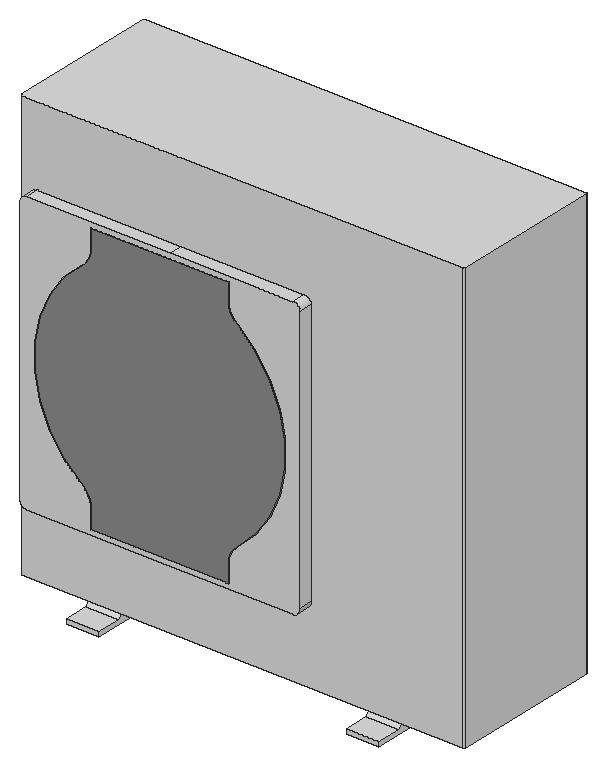
Revit family "Platinum_BC_iPlus_8_MR", category Equipos mecánicos, Revit 2019
Family settings
  Cota de conector redondo = Diámetro de uso
  Tipo de pieza = Normal
  Número OmniClass = 23.75.10.21
  Título OmniClass = Heat Pumps
  Se basa en plano de trabajo = No
  Siempre vertical = Sí
  Corte con vacíos al cargar = No
  Compartido = No
  Punto de cálculo de habitación = No
Parameters (values of type "Platinum BC iPLUS 8 MR (U.E)")
  URL PRODUCTO = "https://www.baxi.es/productos/bombas-calor/bibloc/platinum-bc-iplus-y-bc-iplus-hybrid"
  Tipo Ventilador = "Propeller Fan"
  Tipo Refrigerante = "R410A"
  Tipo Compresor = "Inverter hermetic twin rotary"
  Profundidad = 330.000 mm
  Potencia Acustical (dB(A)) = 65.2
  Peso Unidad (kg) = 75
  Intensidad Máxima (A) = 19
  Código de montaje = "7609926"
  Caudal Aire (m3/min) = 55
  Capacidad Calorifica (kW) = 7.9
  Cantidad de Ventiladores = 1
  Cantidad Compresores = 1
  Blanco = Color RGB 216-216-216
  Voltage = 230.002 V
  URL = "https://www.baxi.es/"
  Distancia superior Valor [instance] = if(Distancia Superior < 1000.000 mm, 1000.000 mm, Distancia Superior)  # 1000.000 mm
  Distancia Superior [instance] = 1000.000 mm
  Distancia lateral Der. Valor [instance] = if(Distancia Lateral Der. < 150.000 mm, 150.000 mm, Distancia Lateral Der.)  # 150.000 mm
  Distancia Lateral Der. [instance] = 150.000 mm
  Revit Version = "2016"  # constant formula
  Diametro liquido refrigerante = 9.530 mm
  Diametro gas refrigerante = 15.900 mm
  Rojo = Color RGB 255-000-000
  Phase = 1
  Model = "Platinum BC iPlus 8MR"
  Fabricante = "BAXI"  # constant formula
  Distancia lateral Izq. Valor [instance] = if(Distancia lateral Izq. < 150.000 mm, 150.000 mm, Distancia lateral Izq.)  # 150.000 mm
  Distancia lateral Izq. [instance] = 150.000 mm
  IFCExportType = "NOTDEFINED"  # constant formula
  IFCExportAs = "IfcPumpType"  # constant formula
  Hertz = 50 Hz
  Area de Mantenimiento [instance] = no
  Gris = Color RGB 100-100-100
  Distancia frontal Valor [instance] = if(Distancia Frontal < 500.000 mm, 500.000 mm, Distancia Frontal)  # 500.000 mm
  Distancia Frontal [instance] = 500.000 mm
  Diametro drenaje = 32.000 mm
  Description = "Platinum BC iPlus 8MR"  # constant formula
  Capacidad frigorifica (kW) = 7.9
  Negro = Color RGB 060-060-060
  Distancia trasera Valor [instance] = if(Distancia Trasera < 300.000 mm, 300.000 mm, Distancia Trasera)  # 300.000 mm
  Distancia Trasera [instance] = 300.000 mm
  Anchura = 950.000 mm
  Altura = 943.000 mm
Reference planes
  plane 1 "Center (Front/Back)": y = 0
  plane 2: z = 0
  plane 3 "Center (Left/Right)": x = 0
  plane 4: z = 23
  plane 5: z = 943
  plane 6: x = -475
  plane 7: x = 475
  plane 8: z = 473
  plane 9: x = -153
  plane 10: y = 165
  plane 11: y = -165
  plane 12: y = -195
  plane 13: x = -300
  plane 14: x = 300
  plane 15 "E": y = -120
  plane 16 "F": y = -109
  plane 17 "A": z = 431
  plane 18: z = 447
  plane 19: z = 923
  plane 20: x = -153
  plane 21: x = 169
  plane 22: z = 473
  plane 23: z = 743
  plane 24: z = 588.5
  plane 25: z = 50
Forms (mm)
  Extrusion 1, solid, not visible, detail levels fine
    sketch origin (0, 0, 0) x (1, 0, 0) y (0, 1, 0)
      loop
        circle (434, -111) r 5
    from 473 to 431
  Extrusion 2, solid, not visible, detail levels fine
    sketch origin (0, 0, 0) x (1, 0, 0) y (0, 1, 0)
      loop
        circle (377, -125) r 5
    from 473 to 447
  Extrusion 3, solid, material "Color RGB 216-216-216" <- "Blanco", detail levels fine
    sketch origin (-90.5, 0, 0) x (0, -1, 0) y (0, 0, 1)
      loop
        line (-199, 0) -> (218, 0) -> (218, 10) -> (165, 10) -> (152, 23) -> (-152, 23) -> (-165, 10) -> (-199, 10) -> (-199, 0)
    from 174.5 to 244.5
  Extrusion 4, solid, material "Color RGB 216-216-216" <- "Blanco", detail levels fine
    sketch origin (90.5, 0, 0) x (0, -1, 0) y (0, 0, -1)
      loop
        line (-199, 0) -> (-199, -10) -> (-165, -10) -> (-152, -23) -> (152, -23) -> (165, -10) -> (218, -10) -> (218, 0) -> (-199, 0)
    from 174.5 to 244.5
  Extrusion 5, solid, material "Color RGB 216-216-216" <- "Blanco", detail levels fine
    sketch origin (0, 0, 0) x (1, 0, 0) y (0, 1, 0)
      loop
        arc (-472, 165) -> (-474.121, 164.121) -> (-475, 162) r 3
        line (-475, 162) -> (-475, -162)
        arc (-475, -162) -> (-474.121, -164.121) -> (-472, -165) r 3
        line (-472, -165) -> (472, -165)
        arc (472, -165) -> (474.121, -164.121) -> (475, -162) r 3
        line (475, -162) -> (475, 162)
        arc (475, 162) -> (474.121, 164.121) -> (472, 165) r 3
        line (472, 165) -> (-472, 165)
    from 23 to 943
  Extrusion 6, solid, material "Color RGB 216-216-216" <- "Blanco", detail levels fine
    sketch origin (0, 0, 0) x (1, 0, 0) y (0, 0, 1)
      loop
        arc (-438, 773) -> (-448.607, 768.607) -> (-453, 758) r 15
        line (-453, 758) -> (-453, 188)
        arc (-453, 188) -> (-448.607, 177.393) -> (-438, 173) r 15
        line (-438, 173) -> (-138.933, 173) -> (132, 173)
        arc (132, 173) -> (142.607, 177.393) -> (147, 188) r 15
        line (147, 188) -> (147, 758)
        arc (147, 758) -> (142.607, 768.607) -> (132, 773) r 15
        line (132, 773) -> (-131.545, 773) -> (-438, 773)
      loop
        arc (-319.219, 260.229) -> (-305.061, 242.747) -> (-300, 220.827) r 50
        line (-300, 220.827) -> (-300, 183) -> (-6, 183) -> (-6, 220.827)
        arc (-6, 220.827) -> (-0.939, 242.747) -> (13.219, 260.229) r 50
        arc (13.219, 260.229) -> (117, 473) -> (13.219, 685.771) r 270
        arc (13.219, 685.771) -> (-0.939, 703.253) -> (-6, 725.173) r 50
        line (-6, 725.173) -> (-6, 763) -> (-300, 763) -> (-300, 725.173)
        arc (-300, 725.173) -> (-305.061, 703.253) -> (-319.219, 685.771) r 50
        arc (-319.219, 685.771) -> (-423, 473) -> (-319.219, 260.229) r 270
    from 165 to 195
  Revolve 7, void
    sketch origin (-153, -37.5, 202.7) x (0, -1, 0) y (0, 0, 1)
      loop
        arc (124.5, 538.3) -> (119.91, 525.13) -> (111.966, 513.666) r 51.691
        arc (111.966, 513.666) -> (110.827, 512.74) -> (109.467, 512.186) r 5
        line (109.467, 512.186) -> (103.018, 510.607) -> (103.018, 270.3) -> (127.5, 270.3) -> (127.5, 540.3) -> (124.5, 540.3) -> (124.5, 538.3)
      axis (103.018, 270.3) -> (127.5, 270.3)
    angle from 0 to 360
  Extrusion 8, solid, material "Color RGB 100-100-100" <- "Gris", detail levels fine
    sketch origin (0, 0, 0) x (1, 0, 0) y (0, 0, 1)
      loop
        circle (-153, 473) r 240.307
    from 140.518 to 142.518
  Extrusion 9, solid, detail levels coarse+medium
    sketch origin (-90.5, 0, 0) x (0, -1, 0) y (0, 0, 1)
      loop
        line (-199, 0) -> (218, 0) -> (218, 10) -> (165, 10) -> (152, 23) -> (-152, 23) -> (-165, 10) -> (-199, 10) -> (-199, 0)
    from 174.5 to 244.5
  Extrusion 10, solid, detail levels coarse+medium
    sketch origin (90.5, 0, 0) x (0, -1, 0) y (0, 0, -1)
      loop
        line (-199, 0) -> (-199, -10) -> (-165, -10) -> (-152, -23) -> (152, -23) -> (165, -10) -> (218, -10) -> (218, 0) -> (-199, 0)
    from 174.5 to 244.5
  Extrusion 11, solid, detail levels coarse+medium
    sketch origin (169, -1524, 200) x (-1, 0, 0) y (0, -1, 0)
      loop
        arc (641, -1689) -> (643.121, -1688.121) -> (644, -1686) r 3
        line (644, -1686) -> (644, -1362)
        arc (644, -1362) -> (643.121, -1359.879) -> (641, -1359) r 3
        line (641, -1359) -> (-303, -1359)
        arc (-303, -1359) -> (-305.121, -1359.879) -> (-306, -1362) r 3
        line (-306, -1362) -> (-306, -1686)
        arc (-306, -1686) -> (-305.121, -1688.121) -> (-303, -1689) r 3
        line (-303, -1689) -> (641, -1689)
    from -177 to 743
  Extrusion 12, solid, detail levels coarse+medium
    sketch origin (-1579.76, -195, 1200) x (-1, 0, 0) y (0, 0, 1)
      loop
        line (-1126.76, -427) -> (-1726.76, -427) -> (-1726.76, -1027) -> (-1126.76, -1027) -> (-1126.76, -427)
    from 0 to 30
  Extrusion 13, solid, material "Color RGB 100-100-100" <- "Gris", detail levels fine
    sketch origin (-1579.76, -195, 1200) x (-1, 0, 0) y (0, 0, 1)
      loop
        arc (-1260.541, -939.771) -> (-1156.76, -727) -> (-1260.541, -514.229) r 270
        arc (-1260.541, -514.229) -> (-1274.699, -496.747) -> (-1279.76, -474.827) r 50
        line (-1279.76, -474.827) -> (-1279.76, -437) -> (-1573.76, -437) -> (-1573.76, -474.827)
        arc (-1573.76, -474.827) -> (-1578.821, -496.747) -> (-1592.979, -514.229) r 50
        arc (-1592.979, -514.229) -> (-1696.76, -727) -> (-1592.979, -939.771) r 270
        arc (-1592.979, -939.771) -> (-1578.821, -957.253) -> (-1573.76, -979.173) r 50
        line (-1573.76, -979.173) -> (-1573.76, -1017) -> (-1279.76, -1017) -> (-1279.76, -979.173)
        arc (-1279.76, -979.173) -> (-1274.699, -957.253) -> (-1260.541, -939.771) r 50
    from 0 to 1
  Extrusion 14, solid, not visible
    sketch origin (169, -1524, 200) x (-1, 0, 0) y (0, -1, 0)
      loop
        circle (614, -1578) r 16
    from -177 to -188
Cuts and joins
  Revolve 7 cuts Extrusion 5
Lines and regions (mm)
  model lines, style "Equipment", detail levels fine
    curve 1: line (-425, 33, 943) -> (-425, -33, 943)
    curve 2: arc (-418, 40, 943) -> (-422.95, 37.95, 943) -> (-425, 33, 943) r 7
    curve 3: line (418, 40, 943) -> (-418, 40, 943)
    curve 4: arc (-425, -33, 943) -> (-422.95, -37.95, 943) -> (-418, -40, 943) r 7
    curve 5: line (-418, -40, 943) -> (418, -40, 943)
    curve 6: line (425, -33, 943) -> (425, 33, 943)
    curve 7: arc (425, -33, 943) -> (422.95, -37.95, 943) -> (418, -40, 943) r 7
    curve 8: arc (418, 40, 943) -> (422.95, 37.95, 943) -> (425, 33, 943) r 7
    curve 9: line (-425, 123, 943) -> (-425, 57, 943)
    curve 10: arc (-418, 130, 943) -> (-422.95, 127.95, 943) -> (-425, 123, 943) r 7
    curve 11: line (418, 130, 943) -> (-418, 130, 943)
    curve 12: arc (-425, 57, 943) -> (-422.95, 52.05, 943) -> (-418, 50, 943) r 7
    curve 13: line (-418, 50, 943) -> (418, 50, 943)
    curve 14: line (425, 57, 943) -> (425, 123, 943)
    curve 15: arc (425, 57, 943) -> (422.95, 52.05, 943) -> (418, 50, 943) r 7
    curve 16: arc (418, 130, 943) -> (422.95, 127.95, 943) -> (425, 123, 943) r 7
    curve 17: line (-425, -123, 943) -> (-425, -57, 943)
    curve 18: arc (-418, -130, 943) -> (-422.95, -127.95, 943) -> (-425, -123, 943) r 7
    curve 19: line (418, -130, 943) -> (-418, -130, 943)
    curve 20: arc (-425, -57, 943) -> (-422.95, -52.05, 943) -> (-418, -50, 943) r 7
    curve 21: line (-418, -50, 943) -> (418, -50, 943)
    curve 22: line (425, -57, 943) -> (425, -123, 943)
    curve 23: arc (425, -57, 943) -> (422.95, -52.05, 943) -> (418, -50, 943) r 7
    curve 24: arc (418, -130, 943) -> (422.95, -127.95, 943) -> (425, -123, 943) r 7
    curve 25: line (-475, 162, 923) -> (-475, -162, 923)
    curve 26: arc (-475, -162, 923) -> (-474.121, -164.121, 923) -> (-472, -165, 923) r 3
    curve 27: line (-472, -165, 923) -> (472, -165, 923)
    curve 28: arc (472, -165, 923) -> (474.121, -164.121, 923) -> (475, -162, 923) r 3
    curve 29: line (475, -162, 923) -> (475, 162, 923)
    curve 30: arc (475, 162, 923) -> (474.121, 164.121, 923) -> (472, 165, 923) r 3
    curve 31: line (472, 165, 923) -> (-472, 165, 923)
    curve 32: arc (-472, 165, 923) -> (-474.121, 164.121, 923) -> (-475, 162, 923) r 3
    curve 33: line (169, -165, 923) -> (169, -165, 23)
    curve 34: line (360, -165, 528.378) -> (450, -165, 528.378)
    curve 35: line (355, -165, 498.378) -> (355, -165, 523.378)
    curve 36: line (450, -165, 493.378) -> (360, -165, 493.378)
    curve 37: line (455, -165, 523.378) -> (455, -165, 498.378)
    curve 38: arc (455, -165, 523.378) -> (453.536, -165, 526.914) -> (450, -165, 528.378) r 5
    curve 39: arc (455, -165, 498.378) -> (453.536, -165, 494.843) -> (450, -165, 493.378) r 5
    curve 40: arc (360, -165, 528.378) -> (356.464, -165, 526.914) -> (355, -165, 523.378) r 5
    curve 41: arc (360, -165, 493.378) -> (356.464, -165, 494.843) -> (355, -165, 498.378) r 5
    curve 42: line (169, -165, 200) -> (472, -165, 200)
    curve 43: line (475, 165, 200) -> (475, -162, 200)
    curve 44: arc (475, -162, 200) -> (474.121, -164.121, 200) -> (472, -165, 200) r 3
    curve 45: line (244, 165, 923) -> (244, 165, 23)
    curve 46: line (169, -165, 220) -> (472, -165, 220)
    curve 47: line (475, 165, 220) -> (475, -162, 220)
    curve 48: arc (475, -162, 220) -> (474.121, -164.121, 220) -> (472, -165, 220) r 3
    curve 49: line (-475, -46, 110) -> (-475, -30, 110)
    curve 50: arc (-475, -30, 110) -> (-475, -25.05, 112.05) -> (-475, -23, 117) r 7
    curve 51: line (-475, -23, 117) -> (-475, -23, 281)
    curve 52: arc (-475, -53, 117) -> (-475, -50.95, 112.05) -> (-475, -46, 110) r 7
    curve 53: line (-475, -53, 281) -> (-475, -53, 117)
    curve 54: arc (-475, -46, 288) -> (-475, -50.95, 285.95) -> (-475, -53, 281) r 7
    curve 55: line (-475, -30, 288) -> (-475, -46, 288)
    curve 56: arc (-475, -23, 281) -> (-475, -25.05, 285.95) -> (-475, -30, 288) r 7
    curve 57: line (-475, -65, 923) -> (-475, -65, 23)
    curve 58: line (-475, -46, 298) -> (-475, -30, 298)
    curve 59: arc (-475, -30, 298) -> (-475, -25.05, 300.05) -> (-475, -23, 305) r 7
    curve 60: line (-475, -23, 305) -> (-475, -23, 493)
    curve 61: arc (-475, -53, 305) -> (-475, -50.95, 300.05) -> (-475, -46, 298) r 7
    curve 62: line (-475, -53, 493) -> (-475, -53, 305)
    curve 63: arc (-475, -46, 500) -> (-475, -50.95, 497.95) -> (-475, -53, 493) r 7
    curve 64: line (-475, -30, 500) -> (-475, -46, 500)
    curve 65: arc (-475, -23, 493) -> (-475, -25.05, 497.95) -> (-475, -30, 500) r 7
    curve 66: line (-475, -46, 510) -> (-475, -30, 510)
    curve 67: arc (-475, -30, 510) -> (-475, -25.05, 512.05) -> (-475, -23, 517) r 7
    curve 68: line (-475, -23, 517) -> (-475, -23, 693)
    curve 69: arc (-475, -53, 517) -> (-475, -50.95, 512.05) -> (-475, -46, 510) r 7
    curve 70: line (-475, -53, 693) -> (-475, -53, 517)
    curve 71: arc (-475, -46, 700) -> (-475, -50.95, 697.95) -> (-475, -53, 693) r 7
    curve 72: line (-475, -30, 700) -> (-475, -46, 700)
    curve 73: arc (-475, -23, 693) -> (-475, -25.05, 697.95) -> (-475, -30, 700) r 7
    curve 74: line (-475, -46, 710) -> (-475, -30, 710)
    curve 75: arc (-475, -30, 710) -> (-475, -25.05, 712.05) -> (-475, -23, 717) r 7
    curve 76: line (-475, -23, 717) -> (-475, -23, 893)
    curve 77: arc (-475, -53, 717) -> (-475, -50.95, 712.05) -> (-475, -46, 710) r 7
    curve 78: line (-475, -53, 893) -> (-475, -53, 717)
    curve 79: arc (-475, -46, 900) -> (-475, -50.95, 897.95) -> (-475, -53, 893) r 7
    curve 80: line (-475, -30, 900) -> (-475, -46, 900)
    curve 81: arc (-475, -23, 893) -> (-475, -25.05, 897.95) -> (-475, -30, 900) r 7
    curve 82: line (-475, -6, 110) -> (-475, 10, 110)
    curve 83: arc (-475, 10, 110) -> (-475, 14.95, 112.05) -> (-475, 17, 117) r 7
    curve 84: line (-475, 17, 117) -> (-475, 17, 281)
    curve 85: arc (-475, -13, 117) -> (-475, -10.95, 112.05) -> (-475, -6, 110) r 7
    curve 86: line (-475, -13, 281) -> (-475, -13, 117)
    curve 87: arc (-475, -6, 288) -> (-475, -10.95, 285.95) -> (-475, -13, 281) r 7
    curve 88: line (-475, 10, 288) -> (-475, -6, 288)
    curve 89: arc (-475, 17, 281) -> (-475, 14.95, 285.95) -> (-475, 10, 288) r 7
    curve 90: line (-475, -6, 298) -> (-475, 10, 298)
    curve 91: arc (-475, 10, 298) -> (-475, 14.95, 300.05) -> (-475, 17, 305) r 7
    curve 92: line (-475, 17, 305) -> (-475, 17, 493)
    curve 93: arc (-475, -13, 305) -> (-475, -10.95, 300.05) -> (-475, -6, 298) r 7
    curve 94: line (-475, -13, 493) -> (-475, -13, 305)
    curve 95: arc (-475, -6, 500) -> (-475, -10.95, 497.95) -> (-475, -13, 493) r 7
    curve 96: line (-475, 10, 500) -> (-475, -6, 500)
    curve 97: arc (-475, 17, 493) -> (-475, 14.95, 497.95) -> (-475, 10, 500) r 7
    curve 98: line (-475, -6, 510) -> (-475, 10, 510)
    curve 99: arc (-475, 10, 510) -> (-475, 14.95, 512.05) -> (-475, 17, 517) r 7
    curve 100: line (-475, 17, 517) -> (-475, 17, 693)
    curve 101: arc (-475, -13, 517) -> (-475, -10.95, 512.05) -> (-475, -6, 510) r 7
    curve 102: line (-475, -13, 693) -> (-475, -13, 517)
    curve 103: arc (-475, -6, 700) -> (-475, -10.95, 697.95) -> (-475, -13, 693) r 7
    curve 104: line (-475, 10, 700) -> (-475, -6, 700)
    curve 105: arc (-475, 17, 693) -> (-475, 14.95, 697.95) -> (-475, 10, 700) r 7
    curve 106: line (-475, -6, 710) -> (-475, 10, 710)
    curve 107: arc (-475, 10, 710) -> (-475, 14.95, 712.05) -> (-475, 17, 717) r 7
    curve 108: line (-475, 17, 717) -> (-475, 17, 893)
    curve 109: arc (-475, -13, 717) -> (-475, -10.95, 712.05) -> (-475, -6, 710) r 7
    curve 110: line (-475, -13, 893) -> (-475, -13, 717)
    curve 111: arc (-475, -6, 900) -> (-475, -10.95, 897.95) -> (-475, -13, 893) r 7
    curve 112: line (-475, 10, 900) -> (-475, -6, 900)
    curve 113: arc (-475, 17, 893) -> (-475, 14.95, 897.95) -> (-475, 10, 900) r 7
    curve 114: line (-475, 34, 110) -> (-475, 50, 110)
    curve 115: arc (-475, 50, 110) -> (-475, 54.95, 112.05) -> (-475, 57, 117) r 7
    curve 116: line (-475, 57, 117) -> (-475, 57, 281)
    curve 117: arc (-475, 27, 117) -> (-475, 29.05, 112.05) -> (-475, 34, 110) r 7
    curve 118: line (-475, 27, 281) -> (-475, 27, 117)
    curve 119: arc (-475, 34, 288) -> (-475, 29.05, 285.95) -> (-475, 27, 281) r 7
    curve 120: line (-475, 50, 288) -> (-475, 34, 288)
    curve 121: arc (-475, 57, 281) -> (-475, 54.95, 285.95) -> (-475, 50, 288) r 7
    curve 122: line (-475, 34, 298) -> (-475, 50, 298)
    curve 123: arc (-475, 50, 298) -> (-475, 54.95, 300.05) -> (-475, 57, 305) r 7
    curve 124: line (-475, 57, 305) -> (-475, 57, 493)
    curve 125: arc (-475, 27, 305) -> (-475, 29.05, 300.05) -> (-475, 34, 298) r 7
    curve 126: line (-475, 27, 493) -> (-475, 27, 305)
    curve 127: arc (-475, 34, 500) -> (-475, 29.05, 497.95) -> (-475, 27, 493) r 7
    curve 128: line (-475, 50, 500) -> (-475, 34, 500)
    curve 129: arc (-475, 57, 493) -> (-475, 54.95, 497.95) -> (-475, 50, 500) r 7
    curve 130: line (-475, 34, 510) -> (-475, 50, 510)
    curve 131: arc (-475, 50, 510) -> (-475, 54.95, 512.05) -> (-475, 57, 517) r 7
    curve 132: line (-475, 57, 517) -> (-475, 57, 693)
    curve 133: arc (-475, 27, 517) -> (-475, 29.05, 512.05) -> (-475, 34, 510) r 7
    curve 134: line (-475, 27, 693) -> (-475, 27, 517)
    curve 135: arc (-475, 34, 700) -> (-475, 29.05, 697.95) -> (-475, 27, 693) r 7
    curve 136: line (-475, 50, 700) -> (-475, 34, 700)
    curve 137: arc (-475, 57, 693) -> (-475, 54.95, 697.95) -> (-475, 50, 700) r 7
    curve 138: line (-475, 34, 710) -> (-475, 50, 710)
    curve 139: arc (-475, 50, 710) -> (-475, 54.95, 712.05) -> (-475, 57, 717) r 7
    curve 140: line (-475, 57, 717) -> (-475, 57, 893)
    curve 141: arc (-475, 27, 717) -> (-475, 29.05, 712.05) -> (-475, 34, 710) r 7
    curve 142: line (-475, 27, 893) -> (-475, 27, 717)
    curve 143: arc (-475, 34, 900) -> (-475, 29.05, 897.95) -> (-475, 27, 893) r 7
    curve 144: line (-475, 50, 900) -> (-475, 34, 900)
    curve 145: arc (-475, 57, 893) -> (-475, 54.95, 897.95) -> (-475, 50, 900) r 7
    curve 146: line (-475, 74, 110) -> (-475, 90, 110)
    curve 147: arc (-475, 90, 110) -> (-475, 94.95, 112.05) -> (-475, 97, 117) r 7
    curve 148: line (-475, 97, 117) -> (-475, 97, 281)
    curve 149: arc (-475, 67, 117) -> (-475, 69.05, 112.05) -> (-475, 74, 110) r 7
    curve 150: line (-475, 67, 281) -> (-475, 67, 117)
    curve 151: arc (-475, 74, 288) -> (-475, 69.05, 285.95) -> (-475, 67, 281) r 7
    curve 152: line (-475, 90, 288) -> (-475, 74, 288)
    curve 153: arc (-475, 97, 281) -> (-475, 94.95, 285.95) -> (-475, 90, 288) r 7
    curve 154: line (-475, 74, 298) -> (-475, 90, 298)
    curve 155: arc (-475, 90, 298) -> (-475, 94.95, 300.05) -> (-475, 97, 305) r 7
    curve 156: line (-475, 97, 305) -> (-475, 97, 493)
    curve 157: arc (-475, 67, 305) -> (-475, 69.05, 300.05) -> (-475, 74, 298) r 7
    curve 158: line (-475, 67, 493) -> (-475, 67, 305)
    curve 159: arc (-475, 74, 500) -> (-475, 69.05, 497.95) -> (-475, 67, 493) r 7
    curve 160: line (-475, 90, 500) -> (-475, 74, 500)
    curve 161: arc (-475, 97, 493) -> (-475, 94.95, 497.95) -> (-475, 90, 500) r 7
    curve 162: line (-475, 74, 710) -> (-475, 90, 710)
    curve 163: arc (-475, 90, 710) -> (-475, 94.95, 712.05) -> (-475, 97, 717) r 7
    curve 164: line (-475, 97, 717) -> (-475, 97, 893)
    curve 165: arc (-475, 67, 717) -> (-475, 69.05, 712.05) -> (-475, 74, 710) r 7
    curve 166: line (-475, 67, 893) -> (-475, 67, 717)
    curve 167: arc (-475, 74, 900) -> (-475, 69.05, 897.95) -> (-475, 67, 893) r 7
    curve 168: line (-475, 90, 900) -> (-475, 74, 900)
    curve 169: arc (-475, 97, 893) -> (-475, 94.95, 897.95) -> (-475, 90, 900) r 7
    curve 170: line (-475, -46, 50) -> (-475, -30, 50)
    curve 171: arc (-475, -30, 50) -> (-475, -25.05, 52.05) -> (-475, -23, 57) r 7
    curve 172: line (-475, -23, 57) -> (-475, -23, 93)
    curve 173: arc (-475, -53, 57) -> (-475, -50.95, 52.05) -> (-475, -46, 50) r 7
    curve 174: line (-475, -53, 93) -> (-475, -53, 57)
    curve 175: arc (-475, -46, 100) -> (-475, -50.95, 97.95) -> (-475, -53, 93) r 7
    curve 176: line (-475, -30, 100) -> (-475, -46, 100)
    curve 177: arc (-475, -23, 93) -> (-475, -25.05, 97.95) -> (-475, -30, 100) r 7
    curve 178: line (-475, -6, 50) -> (-475, 10, 50)
    curve 179: arc (-475, 10, 50) -> (-475, 14.95, 52.05) -> (-475, 17, 57) r 7
    curve 180: line (-475, 17, 57) -> (-475, 17, 93)
    curve 181: arc (-475, -13, 57) -> (-475, -10.95, 52.05) -> (-475, -6, 50) r 7
    curve 182: line (-475, -13, 93) -> (-475, -13, 57)
    curve 183: arc (-475, -6, 100) -> (-475, -10.95, 97.95) -> (-475, -13, 93) r 7
    curve 184: line (-475, 10, 100) -> (-475, -6, 100)
    curve 185: arc (-475, 17, 93) -> (-475, 14.95, 97.95) -> (-475, 10, 100) r 7
    curve 186: line (-475, 34, 50) -> (-475, 50, 50)
    curve 187: arc (-475, 50, 50) -> (-475, 54.95, 52.05) -> (-475, 57, 57) r 7
    curve 188: line (-475, 57, 57) -> (-475, 57, 93)
    curve 189: arc (-475, 27, 57) -> (-475, 29.05, 52.05) -> (-475, 34, 50) r 7
    curve 190: line (-475, 27, 93) -> (-475, 27, 57)
    curve 191: arc (-475, 34, 100) -> (-475, 29.05, 97.95) -> (-475, 27, 93) r 7
    curve 192: line (-475, 50, 100) -> (-475, 34, 100)
    curve 193: arc (-475, 57, 93) -> (-475, 54.95, 97.95) -> (-475, 50, 100) r 7
    curve 194: line (-475, 74, 50) -> (-475, 90, 50)
    curve 195: arc (-475, 90, 50) -> (-475, 94.95, 52.05) -> (-475, 97, 57) r 7
    curve 196: line (-475, 97, 57) -> (-475, 97, 93)
    curve 197: arc (-475, 67, 57) -> (-475, 69.05, 52.05) -> (-475, 74, 50) r 7
    curve 198: line (-475, 67, 93) -> (-475, 67, 57)
    curve 199: arc (-475, 74, 100) -> (-475, 69.05, 97.95) -> (-475, 67, 93) r 7
    curve 200: line (-475, 90, 100) -> (-475, 74, 100)
    curve 201: arc (-475, 97, 93) -> (-475, 94.95, 97.95) -> (-475, 90, 100) r 7
    curve 202: line (244, 165, 843) -> (-356, 165, 843)
    curve 203: line (-356, 165, 43) -> (244, 165, 43)
    curve 204: line (-356, 165, 923) -> (-356, 165, 23)
    curve 205: line (-475, 121.5, 606) -> (-475, 165, 606)
    curve 206: arc (-475, 114.5, 599) -> (-475, 116.55, 603.95) -> (-475, 121.5, 606) r 7
    curve 207: line (-475, 114.5, 578) -> (-475, 114.5, 599)
    curve 208: arc (-475, 121.5, 571) -> (-475, 116.55, 573.05) -> (-475, 114.5, 578) r 7
    curve 209: line (-475, 165, 571) -> (-475, 121.5, 571)
    curve 210: line (-431.5, 165, 606) -> (-475, 165, 606)
    curve 211: arc (-424.5, 165, 599) -> (-426.55, 165, 603.95) -> (-431.5, 165, 606) r 7
    curve 212: line (-424.5, 165, 578) -> (-424.5, 165, 599)
    curve 213: arc (-431.5, 165, 571) -> (-426.55, 165, 573.05) -> (-424.5, 165, 578) r 7
    curve 214: line (-475, 165, 571) -> (-431.5, 165, 571)
    curve 215: line (475, 0, 923) -> (475, 0, 220)
    curve 216: line (-428, -195, 723) -> (-338, -195, 723)
    curve 217: line (-433, -195, 693) -> (-433, -195, 718)
    curve 218: line (-338, -195, 688) -> (-428, -195, 688)
    curve 219: line (-333, -195, 718) -> (-333, -195, 693)
    curve 220: arc (-333, -195, 718) -> (-334.464, -195, 721.536) -> (-338, -195, 723) r 5
    curve 221: arc (-333, -195, 693) -> (-334.464, -195, 689.464) -> (-338, -195, 688) r 5
    curve 222: arc (-428, -195, 723) -> (-431.536, -195, 721.536) -> (-433, -195, 718) r 5
    curve 223: arc (-428, -195, 688) -> (-431.536, -195, 689.464) -> (-433, -195, 693) r 5
    curve 224: line (244, 165, 643) -> (-356, 165, 643)
    curve 225: line (244, 165, 431) -> (-356, 165, 431)
    curve 226: line (244, 165, 243) -> (-356, 165, 243)
    curve 227: line (-156, 165, 843) -> (-156, 165, 43)
    curve 228: line (44, 165, 843) -> (44, 165, 43)
    curve 229: line (360, 165, 623.5) -> (450, 165, 623.5)
    curve 230: line (355, 165, 593.5) -> (355, 165, 618.5)
    curve 231: line (450, 165, 588.5) -> (360, 165, 588.5)
    curve 232: line (455, 165, 618.5) -> (455, 165, 593.5)
    curve 233: arc (455, 165, 618.5) -> (453.536, 165, 622.036) -> (450, 165, 623.5) r 5
    curve 234: arc (455, 165, 593.5) -> (453.536, 165, 589.964) -> (450, 165, 588.5) r 5
    curve 235: arc (360, 165, 623.5) -> (356.464, 165, 622.036) -> (355, 165, 618.5) r 5
    curve 236: arc (360, 165, 588.5) -> (356.464, 165, 589.964) -> (355, 165, 593.5) r 5
    curve 237: line (264, 165, 923) -> (264, 165, 23)
    curve 238: line (-376, 165, 923) -> (-376, 165, 23)
    curve 239: line (433, 165, 288) -> (367, 165, 288)
    curve 240: line (367, 165, 288) -> (367, 165, 213)
    curve 241: line (367, 165, 273) -> (433, 165, 273)
    curve 242: line (433, 165, 213) -> (433, 165, 288)
    curve 243: line (433, 165, 258) -> (367, 165, 258)
    curve 244: line (433, 165, 243) -> (367, 165, 243)
    curve 245: line (367, 165, 228) -> (433, 165, 228)
    curve 246: line (433, 165, 213) -> (367, 165, 213)
    curve 247: line (475, 0, 200) -> (475, 0, 23)
    curve 248: line (-392.659, 165, 50) -> (-408.659, 165, 50)
    curve 249: line (-385.659, 165, 93) -> (-385.659, 165, 57)
    curve 250: line (-408.659, 165, 100) -> (-392.659, 165, 100)
    curve 251: line (-415.659, 165, 57) -> (-415.659, 165, 93)
    curve 252: arc (-415.659, 165, 93) -> (-413.608, 165, 97.95) -> (-408.659, 165, 100) r 7
    curve 253: arc (-392.659, 165, 100) -> (-387.709, 165, 97.95) -> (-385.659, 165, 93) r 7
    curve 254: arc (-392.659, 165, 50) -> (-387.709, 165, 52.05) -> (-385.659, 165, 57) r 7
    curve 255: arc (-408.659, 165, 50) -> (-413.608, 165, 52.05) -> (-415.659, 165, 57) r 7
    curve 256: line (-392.659, 165, 110) -> (-408.659, 165, 110)
    curve 257: line (-385.659, 165, 281) -> (-385.659, 165, 117)
    curve 258: line (-408.659, 165, 288) -> (-392.659, 165, 288)
    curve 259: line (-415.659, 165, 117) -> (-415.659, 165, 281)
    curve 260: arc (-415.659, 165, 281) -> (-413.608, 165, 285.95) -> (-408.659, 165, 288) r 7
    curve 261: arc (-392.659, 165, 288) -> (-387.709, 165, 285.95) -> (-385.659, 165, 281) r 7
    curve 262: arc (-392.659, 165, 110) -> (-387.709, 165, 112.05) -> (-385.659, 165, 117) r 7
    curve 263: arc (-408.659, 165, 110) -> (-413.608, 165, 112.05) -> (-415.659, 165, 117) r 7
    curve 264: line (-392.659, 165, 710) -> (-408.659, 165, 710)
    curve 265: line (-385.659, 165, 893) -> (-385.659, 165, 717)
    curve 266: line (-408.659, 165, 900) -> (-392.659, 165, 900)
    curve 267: line (-415.659, 165, 717) -> (-415.659, 165, 893)
    curve 268: arc (-415.659, 165, 893) -> (-413.608, 165, 897.95) -> (-408.659, 165, 900) r 7
    curve 269: arc (-392.659, 165, 900) -> (-387.709, 165, 897.95) -> (-385.659, 165, 893) r 7
    curve 270: arc (-392.659, 165, 710) -> (-387.709, 165, 712.05) -> (-385.659, 165, 717) r 7
    curve 271: arc (-408.659, 165, 710) -> (-413.608, 165, 712.05) -> (-415.659, 165, 717) r 7
    curve 272: line (-392.659, 165, 298) -> (-408.659, 165, 298)
    curve 273: line (-385.659, 165, 493) -> (-385.659, 165, 305)
    curve 274: line (-408.659, 165, 500) -> (-392.659, 165, 500)
    curve 275: line (-415.659, 165, 305) -> (-415.659, 165, 493)
    curve 276: arc (-415.659, 165, 493) -> (-413.608, 165, 497.95) -> (-408.659, 165, 500) r 7
    curve 277: arc (-392.659, 165, 500) -> (-387.709, 165, 497.95) -> (-385.659, 165, 493) r 7
    curve 278: arc (-392.659, 165, 298) -> (-387.709, 165, 300.05) -> (-385.659, 165, 305) r 7
    curve 279: arc (-408.659, 165, 298) -> (-413.608, 165, 300.05) -> (-415.659, 165, 305) r 7
    curve 280: line (475, 165, 220) -> (475, 165, 200)
Dimensions and locks
  "Altura": plane 5 to plane 2
  equal spacing: plane 7, plane 3 "Center (Left/Right)", plane 6
  "Anchura": plane 7 to plane 6
  locked: plane 8 to level at 473
  locked: plane 9 to plane 6 at 322
  equal spacing: plane 10, plane 1 "Center (Front/Back)", plane 11
  "Profundidad": plane 10 to plane 11
  locked: plane 11 to plane 12 at 30
  locked: plane 6 to plane 13 at 175
  locked: plane 14 to plane 7 at 175
  locked: plane 17 "A" to plane 2 at 431
  plane 18 to level = 447.000 mm
  aligned and locked: level to plane 2
  aligned and locked: Extrusion 5 to plane 4
  aligned and locked: plane 5 to Extrusion 5
  aligned and locked: plane 11 to Extrusion 6
  aligned and locked: Extrusion 1 to plane 17 "A"
  aligned and locked: Extrusion 2 to plane 18
Automatic sketch dimensions
  Extrusion 1 sketch curve to plane 16 "F" = 2.000 mm
  Extrusion 3 sketch curve to plane 10 = 0.000 mm
  Extrusion 3 sketch curve to plane 4 = 0.000 mm
  Extrusion 3 sketch curve to plane 11 = 0.000 mm
  Extrusion 3 sketch curve to level = 0.000 mm
  Extrusion 3 sketch curve to plane 10 = 13.000 mm
  plane 11 to Extrusion 3 sketch curve = 13.000 mm
  Extrusion 3 sketch curve to Extrusion 3 sketch curve = 10.000 mm  (x2)
  Extrusion 4 sketch curve to plane 10 = 0.000 mm
  Extrusion 4 sketch curve to plane 4 = 0.000 mm
  Extrusion 4 sketch curve to plane 11 = 0.000 mm
  Extrusion 4 sketch curve to level = 0.000 mm
  Extrusion 4 sketch curve to plane 10 = 13.000 mm
  plane 11 to Extrusion 4 sketch curve = 13.000 mm
  level to Extrusion 4 sketch curve = 10.000 mm  (x2)
  Extrusion 5 sketch curve to plane 6 = 0.000 mm
  Extrusion 5 sketch curve to plane 11 = 0.000 mm
  Extrusion 5 sketch curve to plane 10 = 0.000 mm
  Extrusion 5 sketch curve to plane 7 = 0.000 mm
  plane 6 to Extrusion 5 sketch curve = 3.000 mm  (x2)
  plane 7 to Extrusion 5 sketch curve = 3.000 mm
  Extrusion 5 sketch curve to Extrusion 5 sketch curve = 3.000 mm
  curve 7 to curve 5 = 7.000 mm
  curve 14 to curve 16 = 7.000 mm
  curve 6 to curve 8 = 7.000 mm
  curve 22 to curve 23 = 7.000 mm
  curve 14 to curve 15 = 7.000 mm
  curve 22 to curve 19 = 7.000 mm
  plane 6 to curve 13 = 57.000 mm
  plane 6 to curve 11 = 57.000 mm
  plane 6 to curve 5 = 57.000 mm
  curve 3 to curve 12 = 0.000 mm
  curve 21 to curve 4 = 0.000 mm
  curve 18 to plane 15 "E" = 3.000 mm
  plane 6 to curve 18 = 57.000 mm
  curve 20 to curve 17 = 7.000 mm
  curve 12 to curve 9 = 7.000 mm
  curve 4 to curve 1 = 7.000 mm
  plane 16 "F" to curve 23 = 52.000 mm
  curve 5 to curve 21 = 10.000 mm
  curve 6 to plane 1 "Center (Front/Back)" = 33.000 mm
  curve 13 to curve 3 = 10.000 mm
  curve 10 to plane 10 = 42.000 mm
  curve 29 to plane 7 = 0.000 mm
  curve 30 to plane 10 = 0.000 mm
  curve 27 to plane 11 = 0.000 mm
  curve 26 to plane 6 = 0.000 mm
  curve 29 to curve 30 = 3.000 mm
  plane 7 to curve 27 = 3.000 mm
  plane 6 to curve 26 = 3.000 mm
  plane 6 to curve 32 = 3.000 mm
  curve 33 to plane 19 = 0.000 mm
  plane 21 to curve 33 = 0.000 mm
  curve 33 to plane 4 = 0.000 mm
  curve 40 to curve 40 = 5.000 mm
  curve 41 to curve 41 = 5.000 mm
  curve 37 to curve 39 = 5.000 mm
  plane 8 to curve 36 = 20.378 mm
  curve 39 to curve 38 = 25.000 mm
  curve 43 to plane 7 = 0.000 mm
  curve 42 to plane 11 = 0.000 mm
  curve 42 to plane 21 = 0.000 mm
  curve 43 to plane 10 = 0.000 mm
  curve 44 to curve 44 = 3.000 mm
  curve 237 to plane 19 = 0.000 mm
  curve 237 to plane 4 = 0.000 mm
  curve 45 to plane 4 = 0.000 mm
  curve 45 to plane 19 = 0.000 mm
  curve 210 to plane 6 = 0.000 mm
  curve 214 to plane 6 = 0.000 mm
  curve 211 to plane 24 = 10.500 mm
  plane 6 to curve 211 = 43.500 mm
  curve 211 to curve 214 = 0.000 mm
  curve 212 to curve 211 = 7.000 mm
  plane 24 to curve 213 = 10.500 mm
  plane 14 to curve 45 = 56.000 mm
  curve 237 to curve 45 = 20.000 mm
  curve 47 to plane 7 = 0.000 mm
  curve 46 to plane 11 = 0.000 mm
  curve 46 to plane 21 = 0.000 mm
  curve 47 to plane 10 = 0.000 mm
  curve 47 to curve 48 = 3.000 mm
  curve 57 to plane 4 = 0.000 mm
  curve 195 to plane 25 = 0.000 mm
  curve 189 to plane 25 = 0.000 mm
  curve 179 to plane 25 = 0.000 mm
  curve 170 to plane 25 = 0.000 mm
  curve 209 to plane 10 = 0.000 mm
  curve 205 to plane 10 = 0.000 mm
  curve 57 to plane 19 = 0.000 mm
  plane 25 to curve 180 = 7.000 mm
  plane 25 to curve 173 = 7.000 mm
  plane 25 to curve 172 = 7.000 mm
  plane 25 to curve 196 = 7.000 mm
  plane 25 to curve 188 = 7.000 mm
  plane 25 to curve 197 = 7.000 mm
  plane 25 to curve 189 = 7.000 mm
  plane 25 to curve 182 = 7.000 mm
  curve 180 to plane 1 "Center (Front/Back)" = 17.000 mm
  curve 179 to curve 180 = 36.000 mm
  curve 195 to curve 201 = 36.000 mm
  curve 183 to curve 185 = 0.000 mm
  curve 180 to curve 190 = 0.000 mm
  curve 198 to curve 201 = 0.000 mm
  curve 188 to curve 199 = 0.000 mm
  curve 175 to curve 183 = 0.000 mm
  curve 172 to curve 183 = 0.000 mm
  curve 193 to curve 192 = 7.000 mm
  curve 201 to curve 200 = 7.000 mm
  curve 175 to curve 176 = 7.000 mm
  curve 185 to curve 184 = 7.000 mm
  plane 1 "Center (Front/Back)" to curve 82 = 6.000 mm
  curve 184 to curve 82 = 10.000 mm
  curve 200 to curve 146 = 10.000 mm
  curve 192 to curve 114 = 10.000 mm
  curve 176 to curve 49 = 10.000 mm
  curve 114 to curve 117 = 7.000 mm
  curve 114 to curve 115 = 7.000 mm
  curve 49 to curve 52 = 7.000 mm
  curve 50 to curve 50 = 7.000 mm
  curve 147 to curve 147 = 7.000 mm
  curve 146 to curve 149 = 7.000 mm
  curve 82 to curve 83 = 7.000 mm
  curve 82 to curve 85 = 7.000 mm
  curve 54 to plane 17 "A" = 150.000 mm
  plane 1 "Center (Front/Back)" to curve 87 = 6.000 mm
  curve 54 to curve 87 = 0.000 mm
  curve 153 to curve 89 = 7.000 mm
  curve 54 to curve 56 = 0.000 mm
  curve 84 to curve 89 = 7.000 mm
  curve 84 to curve 121 = 0.000 mm
  curve 119 to curve 121 = 0.000 mm
  curve 151 to curve 153 = 0.000 mm
  curve 121 to curve 120 = 7.000 mm
  curve 153 to curve 152 = 7.000 mm
  curve 54 to curve 55 = 7.000 mm
  plane 1 "Center (Front/Back)" to curve 90 = 6.000 mm
  curve 88 to curve 90 = 10.000 mm
  curve 55 to curve 58 = 10.000 mm
  curve 152 to curve 154 = 10.000 mm
  curve 120 to curve 122 = 10.000 mm
  curve 91 to curve 91 = 7.000 mm
  curve 59 to curve 59 = 7.000 mm
  curve 155 to curve 155 = 7.000 mm
  curve 61 to curve 62 = 7.000 mm
  curve 123 to curve 123 = 7.000 mm
  curve 122 to curve 125 = 7.000 mm
  curve 154 to curve 157 = 7.000 mm
  curve 90 to curve 93 = 7.000 mm
  plane 8 to curve 161 = 20.000 mm
  plane 8 to curve 60 = 20.000 mm
  curve 60 to curve 94 = 0.000 mm
  plane 8 to curve 129 = 20.000 mm
  curve 159 to curve 161 = 0.000 mm
  plane 8 to curve 92 = 20.000 mm
  curve 127 to curve 129 = 0.000 mm
  plane 8 to curve 62 = 20.000 mm
  plane 1 "Center (Front/Back)" to curve 96 = 6.000 mm
  curve 161 to curve 160 = 7.000 mm
  curve 127 to curve 128 = 7.000 mm
  curve 63 to curve 64 = 7.000 mm
  curve 96 to curve 98 = 10.000 mm
  curve 128 to curve 130 = 10.000 mm
  curve 64 to curve 66 = 10.000 mm
  curve 131 to curve 132 = 7.000 mm
  curve 98 to curve 99 = 7.000 mm
  curve 67 to curve 67 = 7.000 mm
  curve 130 to curve 133 = 7.000 mm
  curve 66 to curve 70 = 7.000 mm
  curve 98 to curve 102 = 7.000 mm
  plane 24 to curve 209 = 17.500 mm
  curve 208 to curve 207 = 7.000 mm
  curve 206 to plane 24 = 10.500 mm
  curve 206 to curve 205 = 7.000 mm
  curve 103 to curve 105 = 0.000 mm
  curve 68 to curve 103 = 0.000 mm
  curve 100 to curve 135 = 0.000 mm
  curve 70 to curve 73 = 0.000 mm
  curve 135 to curve 137 = 0.000 mm
  curve 135 to curve 136 = 7.000 mm
  curve 105 to curve 104 = 7.000 mm
  curve 71 to curve 72 = 7.000 mm
  curve 132 to curve 162 = 17.000 mm
  curve 72 to curve 74 = 10.000 mm
  curve 136 to curve 138 = 10.000 mm
  curve 104 to curve 106 = 10.000 mm
  curve 106 to curve 107 = 7.000 mm
  curve 163 to curve 163 = 7.000 mm
  curve 106 to curve 109 = 7.000 mm
  curve 162 to curve 165 = 7.000 mm
  curve 138 to curve 140 = 7.000 mm
  curve 138 to curve 141 = 7.000 mm
  curve 75 to curve 75 = 7.000 mm
  curve 74 to curve 77 = 7.000 mm
  curve 79 to plane 19 = 30.000 mm
  curve 79 to curve 76 = 0.000 mm
  curve 142 to plane 19 = 30.000 mm
  curve 113 to curve 143 = 0.000 mm
  curve 169 to plane 19 = 30.000 mm
  curve 143 to curve 140 = 0.000 mm
  curve 167 to curve 169 = 0.000 mm
  curve 111 to curve 113 = 0.000 mm
  curve 169 to curve 168 = 7.000 mm
  curve 111 to curve 112 = 7.000 mm
  curve 81 to curve 80 = 7.000 mm
  curve 145 to curve 144 = 7.000 mm
  curve 209 to curve 209 = 43.500 mm
  curve 156 to plane 10 = 68.000 mm
  curve 164 to plane 10 = 68.000 mm
  curve 148 to curve 154 = 7.000 mm
  curve 196 to curve 146 = 7.000 mm
  curve 169 to curve 167 = 16.000 mm
  curve 147 to curve 146 = 16.000 mm
  curve 201 to curve 199 = 16.000 mm
  curve 160 to curve 160 = 16.000 mm
  curve 199 to curve 188 = 10.000 mm
  curve 157 to curve 124 = 10.000 mm
  curve 151 to curve 116 = 10.000 mm
  curve 132 to curve 128 = 7.000 mm
  curve 167 to curve 140 = 10.000 mm
  curve 144 to curve 144 = 16.000 mm
  curve 123 to curve 125 = 16.000 mm
  curve 192 to curve 192 = 16.000 mm
  curve 136 to curve 141 = 0.000 mm
  curve 120 to curve 125 = 0.000 mm
  curve 133 to curve 100 = 10.000 mm
  curve 119 to curve 84 = 10.000 mm
  curve 141 to curve 108 = 10.000 mm
  curve 125 to curve 92 = 10.000 mm
  plane 1 "Center (Front/Back)" to curve 184 = 6.000 mm
  plane 1 "Center (Front/Back)" to curve 98 = 6.000 mm
  plane 1 "Center (Front/Back)" to curve 106 = 6.000 mm
  curve 87 to curve 51 = 10.000 mm
  curve 95 to curve 60 = 10.000 mm
  curve 103 to curve 68 = 10.000 mm
  curve 109 to curve 76 = 10.000 mm
  curve 181 to curve 172 = 10.000 mm
  curve 80 to curve 80 = 16.000 mm
  curve 176 to curve 176 = 16.000 mm
  curve 64 to curve 64 = 16.000 mm
  curve 55 to curve 58 = 0.000 mm
  curve 66 to curve 64 = 0.000 mm
  curve 173 to curve 57 = 19.000 mm
  curve 231 to plane 24 = 0.000 mm
  curve 225 to plane 17 "A" = 0.000 mm
  curve 204 to plane 4 = 0.000 mm
  curve 204 to plane 19 = 0.000 mm
  curve 238 to plane 4 = 0.000 mm
  curve 238 to plane 19 = 0.000 mm
  curve 254 to plane 25 = 0.000 mm
  curve 234 to plane 24 = 5.000 mm
  curve 233 to curve 229 = 5.000 mm
  curve 236 to curve 230 = 5.000 mm
  curve 249 to plane 13 = 85.659 mm
  curve 273 to plane 13 = 85.659 mm
  curve 265 to plane 13 = 85.659 mm
  curve 249 to curve 257 = 0.000 mm
  curve 278 to curve 272 = 7.000 mm
  curve 273 to curve 274 = 7.000 mm
  curve 262 to curve 256 = 7.000 mm
  curve 270 to curve 270 = 7.000 mm
  plane 25 to curve 254 = 7.000 mm
  curve 261 to curve 258 = 7.000 mm
  curve 269 to curve 269 = 7.000 mm
  curve 249 to curve 253 = 7.000 mm
  curve 262 to curve 263 = 16.000 mm
  curve 270 to curve 264 = 16.000 mm
  curve 254 to curve 248 = 16.000 mm
  curve 253 to curve 252 = 16.000 mm
  curve 269 to curve 266 = 16.000 mm
  curve 261 to curve 260 = 16.000 mm
  curve 278 to curve 279 = 16.000 mm
  curve 277 to curve 276 = 16.000 mm
  curve 255 to curve 251 = 7.000 mm
  curve 279 to curve 275 = 7.000 mm
  curve 268 to curve 267 = 7.000 mm
  curve 260 to curve 259 = 7.000 mm
  curve 255 to curve 251 = 36.000 mm
  curve 253 to curve 256 = 10.000 mm
  plane 25 to curve 246 = 163.000 mm
  curve 242 to curve 239 = 75.000 mm
  curve 261 to plane 17 "A" = 150.000 mm
  curve 258 to curve 272 = 10.000 mm
  plane 8 to curve 273 = 20.000 mm
  curve 232 to curve 232 = 25.000 mm
  curve 265 to plane 19 = 30.000 mm
  curve 203 to plane 25 = 7.000 mm
  plane 14 to curve 203 = 56.000 mm
  plane 14 to curve 224 = 56.000 mm
  plane 14 to curve 225 = 56.000 mm
  plane 14 to curve 226 = 56.000 mm
  plane 14 to curve 202 = 56.000 mm
  plane 3 "Center (Left/Right)" to curve 228 = 44.000 mm
  curve 227 to plane 9 = 3.000 mm
  curve 204 to curve 238 = 20.000 mm
  curve 242 to curve 245 = 15.000 mm
  curve 245 to curve 226 = 15.000 mm
  curve 245 to curve 244 = 15.000 mm
  curve 244 to curve 243 = 15.000 mm
  curve 241 to curve 239 = 15.000 mm
  curve 228 to plane 19 = 80.000 mm
  curve 247 to plane 1 "Center (Front/Back)" = 0.000 mm
  curve 247 to plane 4 = 0.000 mm
  curve 280 to plane 10 = 0.000 mm
  curve 215 to plane 1 "Center (Front/Back)" = 0.000 mm
  curve 215 to plane 19 = 0.000 mm
  curve 247 to plane 25 = 150.000 mm
  curve 280 to plane 25 = 150.000 mm
  curve 280 to curve 280 = 20.000 mm
  curve 247 to curve 215 = 20.000 mm
  Revolve 7 sketch curve to plane 8 = 0.000 mm  (x2)
  Revolve 7 sketch curve to plane 23 = 0.000 mm
  Revolve 7 sketch curve to plane 11 = 0.000 mm
  plane 11 to Revolve 7 sketch curve = 3.000 mm
  plane 11 to Revolve 7 sketch curve = 18.033 mm
  Revolve 7 sketch curve to Revolve 7 sketch curve = 1.189 mm
  Revolve 7 sketch curve to Revolve 7 sketch curve = 6.449 mm
  Revolve 7 sketch curve to plane 16 "F" = 2.340 mm
  Revolve 7 sketch curve to plane 23 = 29.693 mm
  Revolve 7 sketch curve to Revolve 7 sketch curve = 1.578 mm
  Revolve 7 sketch curve to Revolve 7 sketch curve = 4.857 mm
  Revolve 7 sketch curve to plane 23 = 2.000 mm
  plane 23 to Revolve 7 sketch curve = 8.270 mm
  plane 16 "F" to Revolve 7 sketch curve = 23.055 mm
  Extrusion 8 sketch curve to plane 8 = 0.000 mm
  Extrusion 8 sketch curve to plane 9 = 0.000 mm
  Extrusion 9 sketch curve to plane 10 = 0.000 mm
  Extrusion 9 sketch curve to plane 4 = 0.000 mm
  Extrusion 9 sketch curve to plane 11 = 0.000 mm
  Extrusion 9 sketch curve to level = 0.000 mm
  Extrusion 9 sketch curve to plane 10 = 13.000 mm
  plane 11 to Extrusion 9 sketch curve = 13.000 mm
  Extrusion 9 sketch curve to Extrusion 9 sketch curve = 10.000 mm  (x2)
  Extrusion 10 sketch curve to plane 10 = 0.000 mm
  Extrusion 10 sketch curve to plane 4 = 0.000 mm
  Extrusion 10 sketch curve to plane 11 = 0.000 mm
  Extrusion 10 sketch curve to level = 0.000 mm
  Extrusion 10 sketch curve to plane 10 = 13.000 mm
  plane 11 to Extrusion 10 sketch curve = 13.000 mm
  level to Extrusion 10 sketch curve = 10.000 mm  (x2)
  Extrusion 11 sketch curve to plane 7 = 0.000 mm
  Extrusion 11 sketch curve to plane 11 = 0.000 mm
  Extrusion 11 sketch curve to plane 10 = 0.000 mm
  Extrusion 11 sketch curve to plane 6 = 0.000 mm
  plane 7 to Extrusion 11 sketch curve = 3.000 mm  (x2)
  Extrusion 11 sketch curve to Extrusion 11 sketch curve = 3.000 mm
  plane 6 to Extrusion 11 sketch curve = 3.000 mm
  plane 21 to Extrusion 12 sketch curve = 22.000 mm
  plane 6 to Extrusion 12 sketch curve = 22.000 mm
  plane 25 to Extrusion 12 sketch curve = 123.000 mm
  curve 225 to plane 13 = 56.000 mm
  Extrusion 13 sketch curve to Extrusion 13 sketch curve = 0.000 mm  (x4)
  Extrusion 13 sketch curve to plane 8 = 0.000 mm
  Extrusion 13 sketch curve to plane 9 = 0.000 mm
  Extrusion 13 sketch curve to plane 13 = 0.000 mm  (x2)
  Extrusion 13 sketch curve to plane 3 "Center (Left/Right)" = 6.000 mm  (x2)
  plane 3 "Center (Left/Right)" to Extrusion 13 sketch curve = 44.000 mm  (x2)
  Extrusion 13 sketch curve to Extrusion 13 sketch curve = 50.000 mm  (x2)
  plane 25 to Extrusion 13 sketch curve = 170.827 mm  (x2)
  Extrusion 13 sketch curve to Extrusion 13 sketch curve = 37.827 mm  (x2)
  Extrusion 6 sketch curve to Extrusion 6 sketch curve = 0.000 mm  (x4)
  Extrusion 6 sketch curve to plane 13 = 0.000 mm  (x2)
  Extrusion 6 sketch curve to plane 8 = 0.000 mm
  Extrusion 6 sketch curve to plane 9 = 0.000 mm
  Extrusion 6 sketch curve to Extrusion 6 sketch curve = 50.000 mm  (x2)
  plane 6 to Extrusion 6 sketch curve = 37.000 mm  (x2)
  Extrusion 6 sketch curve to Extrusion 6 sketch curve = 15.000 mm  (x2)
  plane 9 to Extrusion 6 sketch curve = 14.067 mm
  plane 9 to Extrusion 6 sketch curve = 21.455 mm
  Extrusion 6 sketch curve to plane 3 "Center (Left/Right)" = 6.000 mm  (x2)
  plane 3 "Center (Left/Right)" to Extrusion 6 sketch curve = 44.000 mm  (x2)
  plane 21 to Extrusion 6 sketch curve = 37.000 mm  (x2)
  plane 25 to Extrusion 6 sketch curve = 170.827 mm  (x2)
  Extrusion 6 sketch curve to Extrusion 6 sketch curve = 32.827 mm  (x2)
  Extrusion 6 sketch curve to Extrusion 6 sketch curve = 37.827 mm  (x2)
  plane 7 to Extrusion 1 sketch curve = 41.000 mm
  curve 21 to curve 5 = 0.000 mm
  plane 7 to curve 39 = 25.000 mm
  curve 38 to curve 38 = 5.000 mm
  plane 7 to curve 246 = 42.000 mm
  plane 7 to curve 234 = 25.000 mm
  plane 7 to curve 13 = 57.000 mm
  plane 7 to curve 7 = 57.000 mm
  curve 36 to plane 14 = 60.000 mm
  curve 242 to curve 246 = 66.000 mm
  curve 231 to plane 14 = 60.000 mm
  curve 229 to curve 230 = 5.000 mm
  Extrusion 14 sketch curve to plane 1 "Center (Front/Back)" = 54.000 mm
  plane 6 to Extrusion 14 sketch curve = 30.000 mm
  Extrusion 6 sketch curve to plane 24 = 136.673 mm  (x2)
  curve 100 to plane 24 = 104.500 mm
  curve 264 to plane 24 = 121.500 mm
  curve 224 to plane 24 = 54.500 mm
  Extrusion 12 sketch curve to plane 19 = 150.000 mm
  Extrusion 13 sketch curve to plane 24 = 136.673 mm  (x2)
  curve 219 to plane 13 = 33.000 mm
  curve 219 to curve 216 = 5.000 mm
  curve 219 to curve 218 = 5.000 mm
  plane 6 to curve 218 = 47.000 mm
  curve 223 to curve 222 = 0.000 mm
  curve 223 to curve 217 = 5.000 mm
  curve 218 to plane 24 = 99.500 mm
  curve 223 to curve 222 = 25.000 mm
  Extrusion 2 sketch curve to plane 15 "E" = 5.000 mm
  Extrusion 2 sketch curve to plane 14 = 77.000 mm
  plane 10 to Extrusion 3 sketch curve = 34.000 mm
  plane 10 to Extrusion 4 sketch curve = 34.000 mm
  plane 10 to Extrusion 9 sketch curve = 34.000 mm
  plane 10 to Extrusion 10 sketch curve = 34.000 mm
  Extrusion 3 sketch curve to plane 12 = 23.000 mm
  Extrusion 4 sketch curve to plane 12 = 23.000 mm
  Revolve 7 sketch curve to plane 12 = 374.871 mm
  Extrusion 9 sketch curve to plane 12 = 23.000 mm
  Extrusion 10 sketch curve to plane 12 = 23.000 mm
  radius of Extrusion 1 sketch curve = 5.000 mm
  radius of Extrusion 8 sketch curve = 240.307 mm
  radius of Extrusion 14 sketch curve = 16.000 mm
  radius of Extrusion 2 sketch curve = 5.000 mm
Connectors
  piping at (377, -125, 447), diameter 9.53, driven by "Diametro liquido refrigerante"
    settings: on Extrusion 2, index 1, connector inside diameter 609.6 mm, connector length 0.000 mm, flow factor 0, pipe flow 0.0 L/s, pressure drop 0.0 Pa, fitting loss kfactor 0, connector angle 0.00°, fixture units 0, engagement length 0.000 mm, angle of deflection 0.00°, flow configuration 0, flow direction 0, fitting loss method 0, system type 29, joint type 0, gender type 0, connector reference index -1, connector utility 0, adjustable connector no, is connector primary yes, connector description "Freon1"
  piping at (434, -111, 431), diameter 15.9, driven by "Diametro gas refrigerante"
    settings: on Extrusion 1, index 2, connector inside diameter 609.6 mm, connector length 0.000 mm, flow factor 0, pipe flow 0.0 L/s, pressure drop 0.0 Pa, fitting loss kfactor 0, connector angle 0.00°, fixture units 0, engagement length 0.000 mm, angle of deflection 0.00°, flow configuration 0, flow direction 0, fitting loss method 0, system type 29, joint type 0, gender type 0, connector reference index -1, connector utility 0, adjustable connector no, is connector primary no, connector description "Freon2"
  electrical at (326.667, -165, 672.671), driven by "Phase", driven by "Voltage"
    settings: on plane 11, index 3, voltage 230.002 V, apparent load 0 VA, apparent load phase1 0 VA, apparent load phase2 0 VA, apparent load phase3 0 VA, power factor 1, load classification "Other", number of poles 1, system type 30, power factor state 1, is connector primary yes, connector utility no, sub classification motor no, connector description "Power - Balanced"
  piping at (-445, 54, 12), diameter 32, driven by "Diametro drenaje"
    settings: on Extrusion 14, index 4, connector inside diameter 609.6 mm, connector length 0.000 mm, flow factor 0, pipe flow 0.0 L/s, pressure drop 0.0 Pa, fitting loss kfactor 0, connector angle 0.00°, fixture units 0, engagement length 0.000 mm, angle of deflection 0.00°, flow configuration 3, flow direction 2, fitting loss method 0, system type 16, joint type 0, gender type 0, connector reference index -1, connector utility 0, adjustable connector no, is connector primary no, connector description "Drain"
